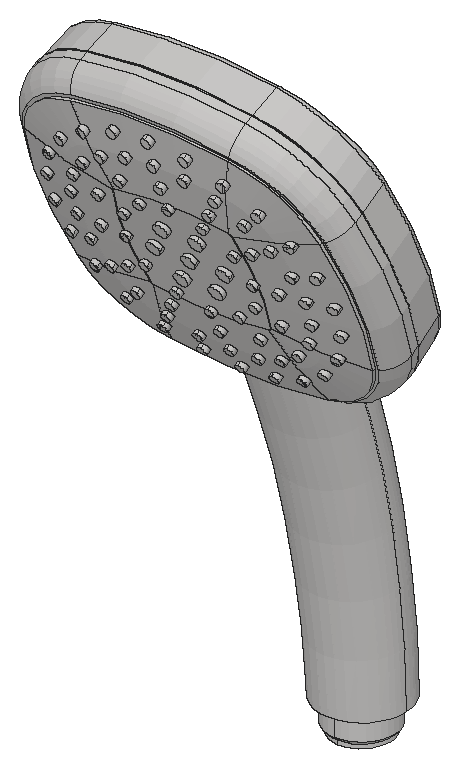
Revit family "Grohe_HandShower_261302434", category Plumbing Fixtures, host Face, Revit 2020
Family settings
  Host = Face
  Round Connector Dimension = Use Diameter
  Part Type = Normal
  OmniClass Number = 23.45.05.00
  OmniClass Title = Sanitary Equipment
  Cut with Voids When Loaded = No
  Shared = No
  Room Calculation Point = No
Parameters (values of type "Hand Shower (261302434)")
  _ObjectUserGuide = "https://www.bimstore.co/products/grohe-261302434/document/object-user-guide"
  _DistributedBy = "https://www.bimstore.co/"
  _CurrentRevision = 1
  _CreatedBy = "https://www.bimstore.co/"
  _BimSpecGuid = 0
  _BSBibleVersion = 17
  _AuthorizedBy = "bimstore"
  _Author = "RL 171"
  WarrantyStartDate [instance] = "Please Record on Commissioning"
  WarrantyGuarantorParts = "info-uk@grohe.com"
  WarrantyGuarantorLabor = "info-uk@grohe.com"
  WarrantyDurationUnit = "Years"
  WarrantyDurationParts = "0"
  WarrantyDurationLabor = "0"
  WarrantyDescription = "n/a"
  URL = "https://www.grohe.co.uk/en_gb/-261302434.html"
  TypeName = "Hand Shower"
  Type Comments = "Hand Shower"
  TPIDocumentLink = "n/a"
  SustainabilityReport = "green.grohe.com/reporting"
  SustainabilityAward = "green.grohe.com/awards"
  SpareParts = "info-uk@grohe.com"
  Size = "n/a"
  Shape = "n/a"
  SerialNumber [instance] = "Please Record on Commissioning"
  ReplacementCost = "n/a"
  ReferencedStandard = "n/a"
  ProductionYear = "2023"
  ProductType = "Single Shower"
  ProductShortText = "Hand shower 2 sprays"
  ProductNumber = "261302434"
  ProductDescription = "Rain, Jet\r\n\r\nGROHE SmartSwitch - easily rotate the dial to enjoy your preferred spray option\r\n\r\nGROHE DreamSpray perfect spray pattern\r\n\r\nGROHE Long-Life finish\r\n\r\nSpeedClean anti-limescale system\r\n\r\nInner WaterGuide - inner insulation for surface and scalding protection\r\n\r\nShockProof silicone ring prevents damages caused by shower falling\r\n\r\nuniversal mounting system, fitting all standard shower hoses\r\n\r\nmaximum flow rate (at 3 bar): 17.3 l/min\r\n\r\nfor low pressure\r\n\r\nmin. recommended pressure 0.1 bar\r\n\r\nprofessional exclusive"
  PrimaryMaterial = Grohe_Chrome
  PQDiagramLink = "n/a"
  NominalLength = 0 mm
  NominalHeight = 0 mm
  NominalDepth = 0 mm
  NBSReference = "45-35-70/294"
  NBSOfficeMasterTag = "n/a"
  NBSObjectName = "Grohe - Shower fittings package"
  NBSNote = "n/a"
  NBSDescription = "Shower fittings package"
  ModelReference = "Hand Shower"
  ModelNumber = "261302434"
  Model = "Hand Shower"
  Material = "n/a"
  ManufacturerName = "Grohe"
  Manufacturer = "Grohe"
  Keynote = "N16"
  InstallationVideo = "n/a"
  InstallationDate [instance] = "Please Record on Commissioning"
  IfcExportType = "IfcPipeFittingType"
  IfcExportAs = "IfcPipeFitting"
  Grade = "n/a"
  GROHESustainability = "green.grohe.com"
  GROHESocialCommittment = "green.grohe.com/social_engagement"
  FullRecyclabilityOfPlastic = "All plastic components are fully recycable"
  Finish = "Chrome"
  Features = "n/a"
  ExpectedLife = 0
  Ecojoy = no
  DurationUnit = "Years"
  DocumentationTechnical = "https://www.bimstore.co/products/grohe-261302434/document/technical-data-sheet"
  DocumentationMaintenance = "https://www.bimstore.co/products/grohe-261302434/document/maintenance-information"
  DocumentationLiterature = "https://www.bimstore.co/products/grohe-261302434/document/product-literature"
  DocumentationInstallationGuide = "https://www.bimstore.co/products/grohe-261302434/document/installation-guide"
  DocumentationCertificates = "https://www.bimstore.co/products/grohe-261302434/document/product-certificates"
  DimensionsDocumentLink = "https://cdn.cloud.grohe.com/dimdraw/100000/100000/100000/100200/100260/100266/100266874/1280/100266874.jpg"
  Description = "Hand Shower"
  Default Elevation = 0 mm
  CreatedOn = "2023-12-05T:09:00:00"
  CreatedBy = "info-uk@grohe.com"
  CradleToCradleCertification = "n/a"
  Cost = 0
  Constituents = "n/a"
  Color = "Grohe_Chrome"
  CodePerformance = "n/a"
  ClassificationValue = "Pr_40_20_87_55"
  ClassificationName = "Uniclass2015"
  CO2NeutralProduction = "GROHE is one of the first leading manufacturer within the sanitary industry having a CO2-neutral production."
  BarCode [instance] = "Please Record on Commissioning"
  BIMObjectName = "Grohe_HandShower_261302434"
  AssetType = "Fixed"
  AssetIdentifier [instance] = "n/a"
  Assembly Code = "D2013"
  AccessibilityPerformance = "n/a"
Reference planes
  plane 1 "Center (Front/Back)": y = 0
  plane 2: z = 0
  plane 3 "Center (Left/Right)": x = 0
Forms (mm)
  Extrusion 1, void
    sketch origin (0, 0, -0.49) x (0, 1, 0) y (0, 0, 1)
      loop
        line (-59.672, 105.646) -> (-31.577, 118.747) -> (-74.919, 211.694) -> (-103.014, 198.593) -> (-59.672, 105.646)
      loop
        line (-15.997, 10.49) -> (-15.997, 0) -> (17.317, 0) -> (17.317, 10.49) -> (-15.997, 10.49)
    from -60 to 60
  Revolve 2, solid, material "Grohe_Chrome" <- "PrimaryMaterial"
    sketch origin (0, 0, 0) x (0, 1, 0) y (0, 0, 1)
      loop
        line (0, 0) -> (9.212, 0) -> (9.212, 1.202) -> (10.487, 2.477) -> (10.487, 8.302) -> (9.11, 8.302) -> (9.11, 10.49) -> (0, 10.454) -> (0, 0)
      axis (0, 10.49) -> (0, 0)
    angle from 0 to 360
  Extrusion 3, solid, material "Grohe_Chrome" <- "PrimaryMaterial"
    sketch origin (0, -30.481, 119.142) x (0, 0.422618, -0.906308) y (-1, 0, 0)
      loop
        circle (-54.865, 0) r 2.2
      loop
        circle (-54.865, 11) r 2.2
      loop
        circle (-54.865, 20) r 1.5
      loop
        circle (-54.865, 28) r 1.5
      loop
        circle (-64.183, 34.773) r 1.5
      loop
        circle (-66.254, 42.501) r 1.5
      loop
        circle (-54.865, -11) r 2.2
      loop
        circle (-54.865, -20) r 1.5
      loop
        circle (-54.865, -28) r 1.5
      loop
        circle (-45.548, -34.773) r 1.5
      loop
        circle (-43.477, -42.501) r 1.5
      loop
        circle (-64.392, 5.5) r 2.2
      loop
        circle (-72.186, 10) r 1.5
      loop
        circle (-79.114, 14) r 1.5
      loop
        circle (-89.639, 9.317) r 1.5
      loop
        circle (-97.366, 11.388) r 1.5
      loop
        circle (-45.339, -5.5) r 2.2
      loop
        circle (-37.545, -10) r 1.5
      loop
        circle (-30.617, -14) r 1.5
      loop
        circle (-20.092, -9.317) r 1.5
      loop
        circle (-12.365, -11.388) r 1.5
      loop
        circle (-64.392, -5.5) r 2.2
      loop
        circle (-72.186, -10) r 1.5
      loop
        circle (-79.114, -14) r 1.5
      loop
        circle (-80.321, -25.456) r 1.5
      loop
        circle (-85.978, -31.113) r 1.5
      loop
        circle (-45.339, 5.5) r 2.2
      loop
        circle (-37.545, 10) r 1.5
      loop
        circle (-30.617, 14) r 1.5
      loop
        circle (-29.41, 25.456) r 1.5
      loop
        circle (-23.753, 31.113) r 1.5
      loop
        circle (-74.865, 0) r 1.5
      loop
        circle (-82.865, 0) r 1.5
      loop
        circle (-89.639, -9.317) r 1.5
      loop
        circle (-97.366, -11.388) r 1.5
      loop
        circle (-34.865, 0) r 1.5
      loop
        circle (-26.865, 0) r 1.5
      loop
        circle (-20.092, 9.317) r 1.5
      loop
        circle (-12.365, 11.388) r 1.5
      loop
        circle (-64.865, -17.321) r 1.5
      loop
        circle (-68.865, -24.249) r 1.5
      loop
        circle (-64.183, -34.773) r 1.5
      loop
        circle (-66.254, -42.501) r 1.5
      loop
        circle (-44.865, 17.321) r 1.5
      loop
        circle (-40.865, 24.249) r 1.5
      loop
        circle (-45.548, 34.773) r 1.5
      loop
        circle (-43.477, 42.501) r 1.5
      loop
        circle (-64.865, 17.321) r 1.5
      loop
        circle (-68.865, 24.249) r 1.5
      loop
        circle (-80.321, 25.456) r 1.5
      loop
        circle (-85.978, 31.113) r 1.5
      loop
        circle (-44.865, -17.321) r 1.5
      loop
        circle (-40.865, -24.249) r 1.5
      loop
        circle (-29.41, -25.456) r 1.5
      loop
        circle (-23.753, -31.113) r 1.5
      loop
        circle (-54.865, 36) r 1.5
      loop
        circle (-54.865, 44) r 1.5
      loop
        circle (-54.865, -36) r 1.5
      loop
        circle (-54.865, -44) r 1.5
      loop
        circle (-86.042, 18) r 1.5
      loop
        circle (-92.971, 22) r 1.5
      loop
        circle (-23.689, -18) r 1.5
      loop
        circle (-16.76, -22) r 1.5
      loop
        circle (-86.042, -18) r 1.5
      loop
        circle (-92.971, -22) r 1.5
      loop
        circle (-23.689, 18) r 1.5
      loop
        circle (-16.76, 22) r 1.5
      loop
        circle (-90.865, 0) r 1.5
      loop
        circle (-98.865, 0) r 1.5
      loop
        circle (-18.865, 0) r 1.5
      loop
        circle (-10.865, 0) r 1.5
      loop
        circle (-72.865, -31.177) r 1.5
      loop
        circle (-76.865, -38.105) r 1.5
      loop
        circle (-36.865, 31.177) r 1.5
      loop
        circle (-32.865, 38.105) r 1.5
      loop
        circle (-72.865, 31.177) r 1.5
      loop
        circle (-76.865, 38.105) r 1.5
      loop
        circle (-36.865, -31.177) r 1.5
      loop
        circle (-32.865, -38.105) r 1.5
    from -20 to 0
  Revolve 4, solid, material "Grohe_Chrome" <- "PrimaryMaterial"
    sketch origin (0, -0.249, -0.814) x (0, 1, 0) y (0, 0, 1)
      loop
        arc (-9.533, 129.314) -> (-11.755, 136.378) -> (-14.588, 143.22) r 84.481
        line (-14.588, 143.22) -> (-22.947, 139.322) -> (-16.718, 125.963) -> (-9.533, 129.314)
      axis (-22.947, 139.322) -> (-14.588, 143.22)
    angle from 0 to 360
  Extrusion 5, solid, material "Grohe_Chrome" <- "PrimaryMaterial"
    sketch origin (0, -36.215, 115.985) x (0, 0.422618, -0.906308) y (-1, 0, 0)
      loop
        line (-8.899, -2.114) -> (-3.869, -2.114)
        arc (-3.869, -2.114) -> (-1.755, 0) -> (-3.869, 2.114) r 2.114
        line (-3.869, 2.114) -> (-8.899, 2.114)
        arc (-8.899, 2.114) -> (-11.013, 0) -> (-8.899, -2.114) r 2.114
    from 21.318 to 32.784
  Sweep 6, solid, material "Grohe_Chrome" <- "PrimaryMaterial"
    path origin (0, -35.967, 115.547) x (0, 0.422618, -0.906308) y (-1, 0, 0)
      loop
        arc (-107.343, 26.011) -> (-110.42, 0) -> (-107.343, -26.011) r 111.472
        arc (-107.343, -26.011) -> (-98.058, -42.593) -> (-81.476, -51.878) r 35
        arc (-81.476, -51.878) -> (-55.465, -54.955) -> (-29.455, -51.878) r 111.472
        arc (-29.455, -51.878) -> (-12.873, -42.593) -> (-3.588, -26.011) r 35
        arc (-3.588, -26.011) -> (-0.511, 0) -> (-3.588, 26.011) r 111.472
        arc (-3.588, 26.011) -> (-12.873, 42.593) -> (-29.455, 51.878) r 35
        arc (-29.455, 51.878) -> (-55.465, 54.955) -> (-81.476, 51.878) r 111.472
        arc (-81.476, 51.878) -> (-98.058, 42.593) -> (-107.343, 26.011) r 35
    profile origin (0, -82.632, 215.621) x (0, 0.422618, -0.906308) y (0, 0.906308, 0.422618)
      loop
        line (34, 1.691) -> (34, 25.744)
        arc (34, 25.744) -> (17.527, 23.821) -> (1.94, 18.154) r 71.503
        arc (1.94, 18.154) -> (1.231, 17.559) -> (0.866, 16.709) r 2
        arc (0.866, 16.709) -> (0.217, 11.719) -> (0, 6.691) r 58.37
        line (0, 6.691) -> (0, 3.691)
        arc (0, 3.691) -> (0.054, 2.685) -> (0.214, 1.691) r 9.474
        line (0.214, 1.691) -> (34, 1.691)
  Extrusion 7, solid, material "Grohe_Chrome" <- "PrimaryMaterial"
    sketch origin (0, -35.967, 115.547) x (0, 0.422618, -0.906308) y (-1, 0, 0)
      loop
        arc (-37.388, 18.816) -> (-55.465, 20.955) -> (-73.543, 18.816) r 77.472
        arc (-73.543, 18.816) -> (-74.017, 18.551) -> (-74.282, 18.077) r 1
        arc (-74.282, 18.077) -> (-76.42, 0) -> (-74.282, -18.077) r 77.472
        arc (-74.282, -18.077) -> (-74.017, -18.551) -> (-73.543, -18.816) r 1
        arc (-73.543, -18.816) -> (-55.465, -20.955) -> (-37.388, -18.816) r 77.472
        arc (-37.388, -18.816) -> (-36.914, -18.551) -> (-36.649, -18.077) r 1
        arc (-36.649, -18.077) -> (-34.511, 0) -> (-36.649, 18.077) r 77.472
        arc (-36.649, 18.077) -> (-36.914, 18.551) -> (-37.388, 18.816) r 1
    from 1.691 to 25.744
  Sweep 8, solid, material "Grohe_Chrome" <- "PrimaryMaterial"
    path origin (0, -35.967, 115.547) x (0, 0.422618, -0.906308) y (-1, 0, 0)
      loop
        arc (-107.343, 26.011) -> (-110.42, 0) -> (-107.343, -26.011) r 111.472
        arc (-107.343, -26.011) -> (-98.058, -42.593) -> (-81.476, -51.878) r 35
        arc (-81.476, -51.878) -> (-55.465, -54.955) -> (-29.455, -51.878) r 111.472
        arc (-29.455, -51.878) -> (-12.873, -42.593) -> (-3.588, -26.011) r 35
        arc (-3.588, -26.011) -> (-0.511, 0) -> (-3.588, 26.011) r 111.472
        arc (-3.588, 26.011) -> (-12.873, 42.593) -> (-29.455, 51.878) r 35
        arc (-29.455, 51.878) -> (-55.465, 54.955) -> (-81.476, 51.878) r 111.472
        arc (-81.476, 51.878) -> (-98.058, 42.593) -> (-107.343, 26.011) r 35
    profile origin (0, -82.632, 215.621) x (0, 0.422618, -0.906308) y (0, 0.906308, 0.422618)
      loop
        arc (0, 3.691) -> (1.19, -0.907) -> (4.462, -4.349) r 9.474
        line (4.462, -4.349) -> (5.462, -4.349) -> (5.462, -5.149)
        arc (5.462, -5.149) -> (19.638, -7.589) -> (34, -8.406) r 126.653
        line (34, -8.406) -> (34, 6.491) -> (0, 6.491) -> (0, 3.691)
  Extrusion 9, solid, material "Grohe_Chrome" <- "PrimaryMaterial"
    sketch origin (0, -35.967, 115.547) x (0, 0.422618, -0.906308) y (-1, 0, 0)
      loop
        arc (-37.388, 18.816) -> (-55.465, 20.955) -> (-73.543, 18.816) r 77.472
        arc (-73.543, 18.816) -> (-74.017, 18.551) -> (-74.282, 18.077) r 1
        arc (-74.282, 18.077) -> (-76.42, 0) -> (-74.282, -18.077) r 77.472
        arc (-74.282, -18.077) -> (-74.017, -18.551) -> (-73.543, -18.816) r 1
        arc (-73.543, -18.816) -> (-55.465, -20.955) -> (-37.388, -18.816) r 77.472
        arc (-37.388, -18.816) -> (-36.914, -18.551) -> (-36.649, -18.077) r 1
        arc (-36.649, -18.077) -> (-34.511, 0) -> (-36.649, 18.077) r 77.472
        arc (-36.649, 18.077) -> (-36.914, 18.551) -> (-37.388, 18.816) r 1
    from -8.406 to 1.691
  Extrusion 10, void
    sketch origin (0, 0, -1.252) x (0, 1, 0) y (0, 0, 1)
      loop
        line (-74.538, 214.875) -> (-77.964, 222.221) -> (-82.314, 220.192) -> (-78.889, 212.847) -> (-74.538, 214.875)
    from -60 to 60
  Extrusion 11, void
    sketch origin (0, 0, -1.252) x (0, 1, 0) y (0, 0, 1)
      loop
        line (-74.538, 214.875) -> (-78.889, 212.847) -> (-34.106, 116.809) -> (-29.755, 118.837) -> (-74.538, 214.875)
    from -60 to 60
  Sweep 12, void
    path origin (0, -35.967, 115.547) x (0, 0.422618, -0.906308) y (-1, 0, 0)
      loop
        arc (-107.343, 26.011) -> (-110.42, 0) -> (-107.343, -26.011) r 111.472
        arc (-107.343, -26.011) -> (-98.058, -42.593) -> (-81.476, -51.878) r 35
        arc (-81.476, -51.878) -> (-55.465, -54.955) -> (-29.455, -51.878) r 111.472
        arc (-29.455, -51.878) -> (-12.873, -42.593) -> (-3.588, -26.011) r 35
        arc (-3.588, -26.011) -> (-0.511, 0) -> (-3.588, 26.011) r 111.472
        arc (-3.588, 26.011) -> (-12.873, 42.593) -> (-29.455, 51.878) r 35
        arc (-29.455, 51.878) -> (-55.465, 54.955) -> (-81.476, 51.878) r 111.472
        arc (-81.476, 51.878) -> (-98.058, 42.593) -> (-107.343, 26.011) r 35
    profile origin (0, -82.632, 215.621) x (0, 0.422618, -0.906308) y (0, 0.906308, 0.422618)
      loop
        line (3.533, -13.509) -> (34, -13.509) -> (34, -9.806)
        arc (34, -9.806) -> (18.656, -8.883) -> (3.533, -6.129) r 128.053
        line (3.533, -6.129) -> (3.533, -13.509)
  Extrusion 13, void
    sketch origin (0, -35.967, 115.547) x (0, 0.422618, -0.906308) y (-1, 0, 0)
      loop
        arc (-37.388, 18.816) -> (-55.465, 20.955) -> (-73.543, 18.816) r 77.472
        arc (-73.543, 18.816) -> (-74.017, 18.551) -> (-74.282, 18.077) r 1
        arc (-74.282, 18.077) -> (-76.42, 0) -> (-74.282, -18.077) r 77.472
        arc (-74.282, -18.077) -> (-74.017, -18.551) -> (-73.543, -18.816) r 1
        arc (-73.543, -18.816) -> (-55.465, -20.955) -> (-37.388, -18.816) r 77.472
        arc (-37.388, -18.816) -> (-36.914, -18.551) -> (-36.649, -18.077) r 1
        arc (-36.649, -18.077) -> (-34.511, 0) -> (-36.649, 18.077) r 77.472
        arc (-36.649, 18.077) -> (-36.914, 18.551) -> (-37.388, 18.816) r 1
    from -13.509 to -9.806
  SweptBlend 14, solid, material "Grohe_Chrome" <- "PrimaryMaterial"
    path origin (0, 0, -1.252) x (0, 1, 0) y (0, 0, 1)
      loop
        arc (-29.066, 160.489) -> (1.13, 88.717) -> (13.967, 11.918) r 335.48
    profile origin (0, -29.066, 159.237) x (0, 0.870513, 0.492146) y (1, 0, 0)
      loop
        spline (-13.5, -18) -> (-10.006, -17.387) -> (-6.75, -15.588) -> (-3.954, -12.728) -> (-1.809, -9) -> (-0.46, -4.659) -> (0, 0) -> (-0.46, 4.659) -> (-1.809, 9) -> (-3.954, 12.728) -> (-6.75, 15.588) -> (-10.006, 17.387) -> (-13.5, 18)
        spline (-13.5, 18) -> (-16.994, 17.387) -> (-20.25, 15.588) -> (-23.046, 12.728) -> (-25.191, 9) -> (-26.54, 4.659) -> (-27, 0) -> (-26.54, -4.659) -> (-25.191, -9) -> (-23.046, -12.728) -> (-20.25, -15.588) -> (-16.994, -17.387) -> (-13.5, -18)
    end profile origin (0, 13.967, 10.665) x (0, 0.998785, 0.049284) y (1, 0, 0)
      loop
        spline (-13.5, 14) -> (-16.994, 13.523) -> (-20.25, 12.124) -> (-23.046, 9.899) -> (-25.191, 7) -> (-26.54, 3.623) -> (-27, 0) -> (-26.54, -3.623) -> (-25.191, -7) -> (-23.046, -9.899) -> (-20.25, -12.124) -> (-16.994, -13.523) -> (-13.5, -14)
        spline (-13.5, -14) -> (-10.006, -13.523) -> (-6.75, -12.124) -> (-3.954, -9.899) -> (-1.809, -7) -> (-0.46, -3.623) -> (0, 0) -> (-0.46, 3.623) -> (-1.809, 7) -> (-3.954, 9.899) -> (-6.75, 12.124) -> (-10.006, 13.523) -> (-13.5, 14)
Cuts and joins
  Sweep 12, Extrusion 13 cuts Extrusion 3
  Extrusion 1, Extrusion 10, Extrusion 11 cuts Sweep 6
Dimensions and locks
  aligned and locked: plane 2 to host face
  aligned and locked: level to host face
